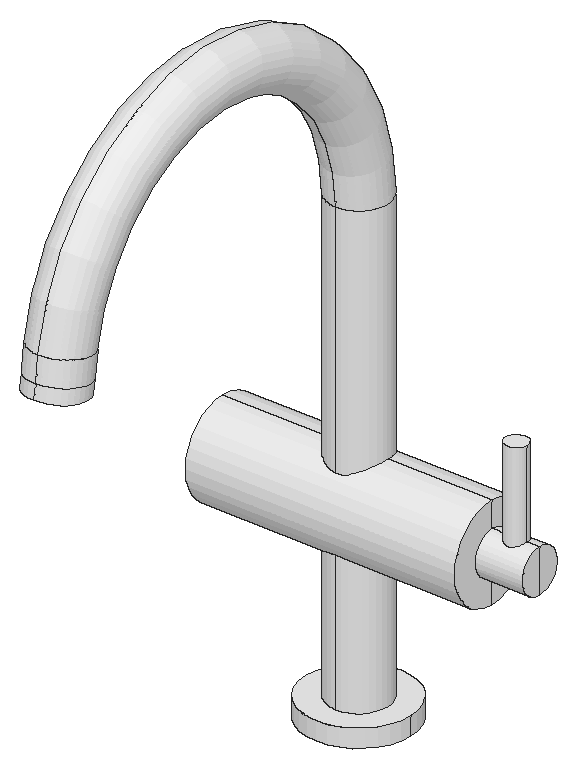
Revit family "Faucet-Single-Grohe-Atrio-24350", category Plumbing Fixtures, Revit 2019
Family settings
  Round Connector Dimension = Use Diameter
  Part Type = Normal
  OmniClass Number = 23.45.55.14
  OmniClass Title = Single Faucets
  Work Plane-Based = Yes
  Always vertical = No
  Cut with Voids When Loaded = No
  Shared = Yes
  Room Calculation Point = No
Parameters (values of type "24350000")
  Width = 1 5/16"  # constant formula
  Waste Connection = no
  WFU = 4  # constant formula
  Vent Connection = no
  URL = "https://www.grohe.us/"
  Tempered Water Connection Radius = Tempered Water Connection Diameter / 2  # 3/16"
  Tempered Water Connection Diameter = 3/8"  # constant formula
  Tempered Water Connection = yes
  Spout Reach = 6 9/16"  # constant formula
  Spout Height = 7 15/16"  # constant formula
  Product Page URL = "https://www.grohe.us/Single-Hole-Faucets/Single-Hole-Single-Handle-L-Size-Bathroom-Faucet-12-GPM/CHROME-24350000"
  Product Documentation Link = "https://lixil.cdn.celum.cloud/161842_24350_0_Atrio_SpecSheet_original.pdf"
  Model = "24350000"
  Material = "Metal-Grohe-000-StarLight Chrome"
  Manufacturer = "Grohe"
  Installation Type = "Deck-Mounted"
  IAPMO Compliance [instance] = "• WaterSense • CEC Certified • Low Lead Certified • CALGreen Compliant • Massachusetts Plumbing Board\r\nApproved • Energy Policy Act of 1992 • NSF 61 • NSF 372 • CSA B125.1 • ASME A112.18.1 • Complies with lead plumbing laws"  # constant formula
  Height = 11 7/8"  # constant formula
  HWFU = 3  # constant formula
  HW Connection = no
  Flow Rate = "1.2 gpm"  # constant formula
  Finish = Metal-Grohe-000-StarLight Chrome
  Description = "Atrio Single Hole Single Handle L-Size Bathroom Faucet 1.2gpm"  # constant formula
  Default Elevation = 0"
  Creation Date = "06/30/2023"  # constant formula
  CWFU = 3  # constant formula
  CW Connection = no
  Assembly Code = "D2020300"
  ADA Compliant = yes
Types (5): name | Product Page URL | Product Documentation Link | Model | Material | Finish
  (no name) | "https://www.grohe.us/Single-Hole-Faucets/Single-Hole-Single-Handle-L-Size-Bathroom-Faucet-12-GPM/CHROME-24350000" | "https://lixil.cdn.celum.cloud/161842_24350_0_Atrio_SpecSheet_original.pdf" | "24350000" | "Metal-Grohe-000-StarLight Chrome" | Metal-Grohe-000-StarLight Chrome
  24350000 | "https://www.grohe.us/Single-Hole-Faucets/Single-Hole-Single-Handle-L-Size-Bathroom-Faucet-12-GPM/CHROME-24350000" | "https://lixil.cdn.celum.cloud/161842_24350_0_Atrio_SpecSheet_original.pdf" | "24350000" | "Metal-Grohe-000-StarLight Chrome" | Metal-Grohe-000-StarLight Chrome
  243502430 | "https://www.grohe.us/Single-Hole-Faucets/Single-Hole-Single-Handle-L-Size-Bathroom-Faucet-12-GPM/CHROME-243502430" | "https://lixil.cdn.celum.cloud/161842_24350_0_Atrio_SpecSheet_original.pdf" | "243502430" | "Metal-Grohe-2430-Matte Black" | Metal-Grohe-2430-Matte Black
  24350EN0 | "" | "" | "24350EN0" | "Metal-Grohe-EN0-Brushed Nickel Infinity Finish" | Metal-Grohe-EN0-Brushed Nickel Infinity Finish
  24350GN0 | "https://www.grohe.us/Single-Hole-Faucets/Single-Hole-Single-Handle-L-Size-Bathroom-Faucet-12-GPM/CHROME-24350GN0" | "https://lixil.cdn.celum.cloud/161842_24350_0_Atrio_SpecSheet_original.pdf" | "24350GN0" | "Metal-Grohe-GN0-Brushed Cool Sunrise" | Metal-Grohe-GN0-Brushed Cool Sunrise
Reference planes (in)
  plane 1 "Center (Front/Back)": y = 0
  plane 2: z = 0
  plane 3 "Center (Left/Right)": x = 0
  plane 4: y = -0.90625
  plane 5: y = -6.5625
  plane 6: z = 11.875
  plane 7: z = 7.9375
  plane 8: x = -0.65625
  plane 9: x = 0.65625
  plane 10: x = -2.35712
  plane 11: x = 3.14288
  plane 12: z = 5.23175
  plane 13: y = 0.90625
  plane 14: z = 3.35675
  plane 15: through (0, 1.71599, 5.48026) normal (0, -0.7071, 0.7071)
  plane 16: through (0, 2.07208, 5.31217) normal (0, -0.7071, 0.7071)
Forms (in)
  Extrusion 1, solid, material "Metal-Grohe-000-StarLight Chrome" <- "Finish"
    sketch origin (0, 0, 0) x (1, 0, 0) y (0, 1, 0)
      loop
        circle (0, 0) r 0.90625
    from 0 to 0.31496
  Sweep 2, solid, material "Metal-Grohe-000-StarLight Chrome" <- "Finish"
    path origin (0, 0, 0.0625) x (0, 1, 0) y (0, 0, 1)
      loop
        line (0, -0.0625) -> (0, 8.06983)
        arc (0, 8.06983) -> (-3.01664, 11.31144) -> (-6.46649, 8.53535) r 3.25
        line (-6.46649, 8.53535) -> (-6.52669, 8.11937)
    profile origin (0, 0, 4.06616) x (0, -1, 0) y (1, 0, 0)
      loop
        circle (0, 0) r 0.5
  Revolve 3, solid, material "Metal-Grohe-000-StarLight Chrome" <- "Finish"
    sketch origin (0, 0, 0) x (0, 1, 0) y (0, 0, 1)
      loop
        line (-7.02154, 8.25349) -> (-7.0569, 8.00912) -> (-6.56206, 7.9375) -> (-6.52669, 8.18187) -> (-7.02154, 8.25349)
      axis (-6.56206, 7.9375) -> (-6.52669, 8.18187)
    angle from 0 to 360
  Revolve 4, solid, material "Metal-Grohe-000-StarLight Chrome" <- "Finish"
    sketch origin (0, 0, -0.25) x (1, 0, 0) y (0, 0, 1)
      loop
        line (-2.35712, 4.41925) -> (-2.35712, 3.60675) -> (3.14288, 3.60675) -> (3.14288, 3.98175) -> (2.31475, 3.98175) -> (2.31475, 4.41925) -> (-2.35712, 4.41925)
      axis (3.14288, 3.60675) -> (-2.35712, 3.60675)
    angle from 0 to 360
  Extrusion 5, solid, material "Metal-Grohe-000-StarLight Chrome" <- "Finish"
    sketch origin (0.0625, 0, 0) x (1, 0, 0) y (0, 1, 0)
      loop
        circle (2.67693, 0) r 0.1875
    from 3.59262 to 5.23175
Cuts and joins
  joined: Extrusion 1, Sweep 2, Revolve 4, Extrusion 5
Lines and regions (in)
  Masking region 1
    outline origin (0, 0, 0) x (1, 0, 0) y (0, 1, 0)
      loop
        arc (0.40141, 0.8125) -> (0, 0.90625) -> (-0.40141, 0.8125) r 0.90625
        line (-0.40141, 0.8125) -> (-2.35712, 0.8125) -> (-2.35712, -0.8125) -> (-0.5, -0.8125) -> (-0.5, -6.56206)
        spline (-0.5, -6.56206) -> (-0.48296, -6.69013) -> (-0.43301, -6.80948) -> (-0.35355, -6.91197) -> (-0.25, -6.99061) -> (-0.12941, -7.04004) -> (0, -7.0569) -> (0.12941, -7.04004) -> (0.25, -6.99061) -> (0.35355, -6.91197) -> (0.43301, -6.80948) -> (0.48296, -6.69013) -> (0.5, -6.56206)
        line (0.5, -6.56206) -> (0.5, -0.8125) -> (2.31475, -0.8125) -> (2.31475, -0.375) -> (3.14288, -0.375) -> (3.14288, 0.375) -> (2.31475, 0.375) -> (2.31475, 0.8125) -> (0.40141, 0.8125)
  symbolic lines, detail levels fine
    curve 1: arc (-0.5, 0, 0) -> (0, 0.5, 0) -> (0.5, 0, 0) r 0.5
    curve 2: line (-0.5, -1.05466, 0) -> (-0.5, 0, 0)
    curve 3: line (0.5, -1.05466, 0) -> (0.5, 0, 0)
    curve 4: line (-0.40141, 0.8125, 0) -> (0.40141, 0.8125, 0)
    curve 5: line (2.31475, 0.375, 0) -> (2.31475, -0.375, 0)
    curve 6: circle (2.73943, 0, 0) r 0.1875 normal (0, 0, 1)
    curve 7: spline (-0.5, -6.52669, 0) -> (-0.48296, -6.65477, 0) -> (-0.43301, -6.77411, 0) -> (-0.35355, -6.8766, 0) -> (-0.25, -6.95524, 0) -> (-0.12941, -7.00467, 0) -> (0, -7.02154, 0) -> (0.12941, -7.00467, 0) -> (0.25, -6.95524, 0) -> (0.35355, -6.8766, 0) -> (0.43301, -6.77411, 0) -> (0.48296, -6.65477, 0) -> (0.5, -6.52669, 0)
Dimensions and locks (in)
  plane 4 to plane 1 "Center (Front/Back)" = 29/32"
  "Spout Reach": plane 1 "Center (Front/Back)" to plane 5
  "Height": plane 6 to plane 2
  "Spout Height": plane 7 to plane 2
  "Width": plane 9 to plane 8
  equal spacing: plane 9, plane 3 "Center (Left/Right)", plane 8
  plane 6 to plane 2 = 11 7/8"
  plane 7 to plane 2 = 7 15/16"
  locked: plane 11 to plane 10 at 5.5
  locked: plane 3 "Center (Left/Right)" to plane 10 at 2.35712
  Revolve 4 sketch curve to Revolve 4 sketch curve to Revolve 4 sketch curve = 3/8", 7/16"
  locked: plane 12 to plane 14 at 1.875
  locked: Extrusion 5 sketch curve to plane 11 at 0.40345
  locked: plane 5 to plane 1 "Center (Front/Back)" at 6.5625
  radius of Extrusion 1 sketch curve = 29/32"
  aligned and locked: plane 3 "Center (Left/Right)" to Extrusion 1 sketch curve
  aligned and locked: plane 1 "Center (Front/Back)" to Extrusion 1 sketch curve
  aligned and locked: plane 10 to Revolve 4 sketch curve
  aligned and locked: Revolve 4 sketch curve to plane 11
  aligned and locked: Revolve 4 sketch curve to Revolve 4 sketch curve
  aligned and locked: plane 12 to Extrusion 5
  aligned and locked: plane 1 "Center (Front/Back)" to Extrusion 5 sketch curve
  aligned and locked: Masking region 1 sketch curve to cut or joined group of Extrusion 1, Sweep 2, Revolve 4, Extrusion 5  (x5)
  aligned and locked: cut or joined group of Extrusion 1, Sweep 2, Revolve 4, Extrusion 5 to Masking region 1 sketch curve
  aligned and locked: curve 6 to cut or joined group of Extrusion 1, Sweep 2, Revolve 4, Extrusion 5
Automatic sketch dimensions
  Sweep 2 sketch curve to plane 3 "Center (Left/Right)" = 0"
  Sweep 2 sketch curve to profile plane = 0"
  Sweep 2 sketch curve to level = 0"
  Sweep 2 sketch curve to plane 1 "Center (Front/Back)" = 0"
  Sweep 2 sketch curve to plane 5 = 0.09601"
  plane 7 to Sweep 2 sketch curve = 0.19483"
  plane 1 "Center (Front/Back)" to Sweep 2 sketch curve = 3 1/4"
  Sweep 2 sketch curve to plane 5 = 0.03581"
  plane 7 to Sweep 2 sketch curve = 0.24437"
  Revolve 3 sketch curve to plane 7 = 0"
  plane 7 to Revolve 3 sketch curve = 0.07162"
  plane 5 to Revolve 3 sketch curve = 0.4944"
  Revolve 3 sketch curve to Revolve 3 sketch curve = 0.03537"
  Revolve 3 sketch curve to plane 5 = 0.02378"
  Revolve 3 sketch curve to plane 5 = 0.07413"
  plane 7 to Revolve 3 sketch curve = 0.24437"
  Revolve 3 sketch curve to Revolve 3 sketch curve = 0.0831"
  Revolve 3 sketch curve to Revolve 3 sketch curve = 0.26479"
  Revolve 4 sketch curve to plane 10 = 0"
  Revolve 4 sketch curve to Revolve 4 sketch curve = 53/64"
  level to Revolve 4 sketch curve = 3.35675"
  Revolve 4 sketch curve to plane 10 = 1/2"
  Masking region 1 sketch curve to plane 3 "Center (Left/Right)" = 0"
  plane 1 "Center (Front/Back)" to Masking region 1 sketch curve = 3/8"
  plane 8 to Masking region 1 sketch curve = 5/32"
  plane 13 to Masking region 1 sketch curve = 3/32"  (x2)
  plane 4 to Masking region 1 sketch curve = 3/32"  (x2)
  Masking region 1 sketch curve to plane 5 = 0.00044"
  Masking region 1 sketch curve to Masking region 1 sketch curve = 3/4"
  plane 1 "Center (Front/Back)" to curve 1 = 0"
  curve 7 to plane 3 "Center (Left/Right)" = 0"
  curve 1 to plane 3 "Center (Left/Right)" = 0"
  plane 8 to curve 2 = 5/32"
  plane 13 to curve 4 = 3/32"
  plane 8 to curve 4 = 0.25484"
  curve 7 to plane 5 = 0.03581"
  plane 8 to curve 7 = 5/32"
  curve 4 to plane 9 = 0.25484"
  curve 5 to curve 6 = 0.42468"
  plane 1 "Center (Front/Back)" to curve 5 = 3/8"
  curve 2 to plane 4 = 0.14841"
  curve 3 to plane 4 = 0.14841"
  curve 5 to plane 1 "Center (Front/Back)" = 3/8"
  radius of Sweep 2 sketch curve = 1/2"
  radius of Extrusion 5 sketch curve = 3/16"
Connectors (in)
  piping at (0, 0, 0), diameter 0.375, driven by "Tempered Water Connection Diameter"
    settings: on cut or joined group of Extrusion 1, Sweep 2, Revolve 4, Extrusion 5, index 1, connector inside diameter 24", connector length 0", flow factor 0, pipe flow 0 GPM, pressure drop 0.00 psi, fitting loss kfactor 0, connector angle 0.00°, fixture units 0, engagement length 0", angle of deflection 0.00°, flow configuration 0, flow direction 1, fitting loss method 0, system type 29, joint type 0, gender type 0, connector reference index -1, connector utility 0, adjustable connector no, is connector primary yes, connector description "3/8\" Compression Inlet Supply"
